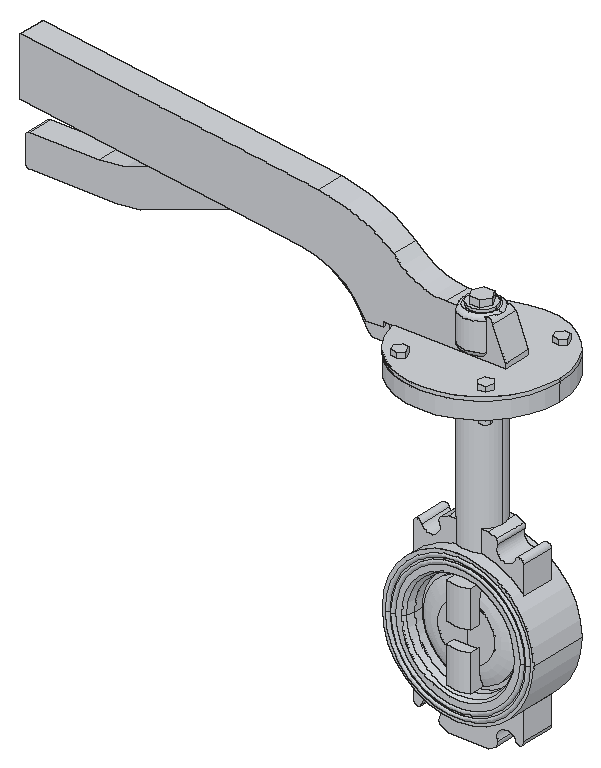
Revit family "R59WX004", category Plumbing Fixtures, Revit 2015
Reference planes
  plane 1 "Center (Front/Back)": y = 0
  plane 2: z = 0
  plane 3 "Center (Left/Right)": x = 0
  plane 4: z = 140
  plane 5: x = -260
  plane 6: z = 217
  plane 7: z = 187
  plane 8: z = -63.5
  plane 9: z = -30
  plane 10: z = 170
  plane 11: y = -17.262
  plane 12: y = 17.262
  plane 13: z = -14.308
Forms (mm)
  Extrusion 1, solid
    sketch origin (0, 0, 130) x (1, 0, 0) y (0, 1, 0)
      loop
        circle (0, 0) r 45
    from 0 to 10
  Extrusion 2, solid
    sketch origin (0, 0, -76.95) x (1, 0, 0) y (0, 1, 0)
      loop
        circle (0, 0) r 12
    from 118.947 to 206.95
  Revolve 3, solid
    sketch origin (0, 0, 0) x (0, 1, 0) y (0, 0, 1)
      loop
        line (-6.1, -30.211) -> (6.1, -30.211) -> (6.1, -27.411) -> (8.1, -27.411)
        arc (8.1, -27.411) -> (10.282, -22.096) -> (11.11, -16.411) r 23.5
        line (11.11, -16.411) -> (11.11, 0) -> (-11.11, 0) -> (-11.11, -16.411)
        arc (-11.11, -16.411) -> (-10.282, -22.096) -> (-8.1, -27.411) r 23.5
        line (-8.1, -27.411) -> (-6.1, -27.411) -> (-6.1, -30.211)
      axis (11.11, 0) -> (-11.11, 0)
    angle from 0 to 360
  Blend 4, solid
    base sketch origin (0, 0, -4.163) x (1, 0, 0) y (0, 1, 0)
      loop
        line (-6.883, 16.4) -> (-6.883, -16.4)
        arc (-6.883, -16.4) -> (0, -18.078) -> (6.883, -16.4) r 14.953
        line (6.883, -16.4) -> (6.883, 16.4)
        arc (6.883, 16.4) -> (0, 18.078) -> (-6.883, 16.4) r 14.953
    top sketch origin (0, 0, 0) x (1, 0, 0) y (0, 1, 0)
      loop
        line (-6.883, 16.4) -> (-6.883, -16.4)
        arc (-6.883, -16.4) -> (0, -18.078) -> (6.883, -16.4) r 14.953
        line (6.883, -16.4) -> (6.883, 16.4)
        arc (6.883, 16.4) -> (0, 18.078) -> (-6.883, 16.4) r 14.953
    from 10.163 to 27.01
  Blend 5, solid
    base sketch origin (0, 0, -38.601) x (0, -1, 0) y (1, 0, 0)
      loop
        line (-16.4, -6.883) -> (16.4, -6.883)
        arc (16.4, -6.883) -> (18.078, 0) -> (16.4, 6.883) r 14.953
        line (16.4, 6.883) -> (-16.4, 6.883)
        arc (-16.4, 6.883) -> (-18.078, 0) -> (-16.4, -6.883) r 14.953
    top sketch origin (0, 0, -35.117) x (0, -1, 0) y (1, 0, 0)
      loop
        line (-16.4, -6.883) -> (16.4, -6.883)
        arc (16.4, -6.883) -> (18.078, 0) -> (16.4, 6.883) r 14.953
        line (16.4, 6.883) -> (-16.4, 6.883)
        arc (-16.4, 6.883) -> (-18.078, 0) -> (-16.4, -6.883) r 14.953
    from 11.542 to 29.117
  Extrusion 6, solid
    sketch origin (99.126, -27.447, 142) x (0, -1, 0) y (1, 0, 0)
      loop
        line (3.99, -123.113) -> (0.805, -120.344) -> (-3.184, -121.718) -> (-3.99, -125.86) -> (-0.805, -128.628) -> (3.184, -127.254) -> (3.99, -123.113)
    from 0 to 3
  Extrusion 7, solid
    sketch origin (99.126, -27.447, 122) x (0, -1, 0) y (1, 0, 0)
      loop
        circle (0, -124.486) r 3
    from 2.505 to 20
  Extrusion 8, solid
    sketch origin (99.126, -27.447, 129) x (0, -1, 0) y (1, 0, 0)
      loop
        line (3.99, -123.113) -> (0.805, -120.344) -> (-3.184, -121.718) -> (-3.99, -125.86) -> (-0.805, -128.628) -> (3.184, -127.254) -> (3.99, -123.113)
      loop
        line (-3.444, -125.672) -> (-0.695, -128.061) -> (2.749, -126.876) -> (3.444, -123.301) -> (0.695, -120.911) -> (-2.749, -122.097) -> (-3.444, -125.672)
    from -1.968 to 1
  Extrusion 9, solid, not visible
    sketch origin (26.117, -96.518, 104.233) x (0, -1, 0) y (1, 0, 0)
      loop
        line (3.99, -123.113) -> (0.805, -120.344) -> (-3.184, -121.718) -> (-3.99, -125.86) -> (-0.805, -128.628) -> (3.184, -127.254) -> (3.99, -123.113)
    from 0 to 3
  Extrusion 10, solid, not visible
    sketch origin (26.117, -96.518, 84.233) x (0, -1, 0) y (1, 0, 0)
      loop
        circle (0, -124.486) r 3
    from 2.505 to 20
  Extrusion 11, solid, not visible
    sketch origin (26.117, -96.518, 91.233) x (0, -1, 0) y (1, 0, 0)
      loop
        line (3.99, -123.113) -> (0.805, -120.344) -> (-3.184, -121.718) -> (-3.99, -125.86) -> (-0.805, -128.628) -> (3.184, -127.254) -> (3.99, -123.113)
      loop
        line (-3.444, -125.672) -> (-0.695, -128.061) -> (2.749, -126.876) -> (3.444, -123.301) -> (0.695, -120.911) -> (-2.749, -122.097) -> (-3.444, -125.672)
    from -1.968 to 1
  Extrusion 12, solid
    sketch origin (0, 0, 140) x (1, 0, 0) y (0, 1, 0)
      loop
        circle (0, 0) r 45
    from 0 to 2
  Extrusion 13, solid
    sketch origin (99.126, -27.447, 142) x (0, -1, 0) y (1, 0, 0)
      loop
        line (-58.884, -123.113) -> (-58.079, -127.254) -> (-54.09, -128.628) -> (-50.905, -125.86) -> (-51.71, -121.718) -> (-55.7, -120.344) -> (-58.884, -123.113)
    from 0 to 3
  Extrusion 14, solid
    sketch origin (99.126, -27.447, 122) x (0, -1, 0) y (1, 0, 0)
      loop
        circle (-54.895, -124.486) r 3
    from 2.505 to 20
  Extrusion 15, solid
    sketch origin (99.126, -27.447, 129) x (0, -1, 0) y (1, 0, 0)
      loop
        line (-58.884, -123.113) -> (-58.079, -127.254) -> (-54.09, -128.628) -> (-50.905, -125.86) -> (-51.71, -121.718) -> (-55.7, -120.344) -> (-58.884, -123.113)
      loop
        line (-51.451, -125.672) -> (-52.146, -122.097) -> (-55.59, -120.911) -> (-58.339, -123.301) -> (-57.644, -126.876) -> (-54.2, -128.061) -> (-51.451, -125.672)
    from -1.968 to 1
  Extrusion 16, solid
    sketch origin (-100.376, 27.447, 142) x (0, 1, 0) y (-1, 0, 0)
      loop
        line (-58.884, -123.113) -> (-58.079, -127.254) -> (-54.09, -128.628) -> (-50.905, -125.86) -> (-51.71, -121.718) -> (-55.7, -120.344) -> (-58.884, -123.113)
    from 0 to 3
  Extrusion 17, solid
    sketch origin (-100.376, 27.447, 122) x (0, 1, 0) y (-1, 0, 0)
      loop
        circle (-54.895, -124.486) r 3
    from 2.505 to 20
  Extrusion 18, solid
    sketch origin (-100.376, 27.447, 129) x (0, 1, 0) y (-1, 0, 0)
      loop
        line (-58.884, -123.113) -> (-58.079, -127.254) -> (-54.09, -128.628) -> (-50.905, -125.86) -> (-51.71, -121.718) -> (-55.7, -120.344) -> (-58.884, -123.113)
      loop
        line (-51.451, -125.672) -> (-52.146, -122.097) -> (-55.59, -120.911) -> (-58.339, -123.301) -> (-57.644, -126.876) -> (-54.2, -128.061) -> (-51.451, -125.672)
    from -1.968 to 1
  Extrusion 19, solid
    sketch origin (-100.376, 27.447, 142) x (0, 1, 0) y (-1, 0, 0)
      loop
        line (3.99, -123.113) -> (0.805, -120.344) -> (-3.184, -121.718) -> (-3.99, -125.86) -> (-0.805, -128.628) -> (3.184, -127.254) -> (3.99, -123.113)
    from 0 to 3
  Extrusion 20, solid
    sketch origin (-100.376, 27.447, 122) x (0, 1, 0) y (-1, 0, 0)
      loop
        circle (0, -124.486) r 3
    from 2.505 to 20
  Extrusion 21, solid
    sketch origin (-100.376, 27.447, 129) x (0, 1, 0) y (-1, 0, 0)
      loop
        line (3.99, -123.113) -> (0.805, -120.344) -> (-3.184, -121.718) -> (-3.99, -125.86) -> (-0.805, -128.628) -> (3.184, -127.254) -> (3.99, -123.113)
      loop
        line (-3.444, -125.672) -> (-0.695, -128.061) -> (2.749, -126.876) -> (3.444, -123.301) -> (0.695, -120.911) -> (-2.749, -122.097) -> (-3.444, -125.672)
    from -1.968 to 1
  Extrusion 22, solid
    sketch origin (125.063, -27.447, 167.144) x (0, -1, 0) y (1, 0, 0)
      loop
        line (-32.638, -122.069) -> (-32.638, -128.062) -> (-27.447, -131.059) -> (-22.257, -128.062) -> (-22.257, -122.069) -> (-27.447, -119.072) -> (-32.638, -122.069)
    from -1.014 to 2.856
  Extrusion 23, solid
    sketch origin (124.477, -54.895, 162.2) x (0, -1, 0) y (1, 0, 0)
      loop
        circle (-54.895, -124.486) r 8
    from -22.2 to 3.931
  Sweep 24, solid
    path origin (0, 0, 0) x (1, 0, 0) y (0, 0, 1)
      loop
        circle (0, 0) r 43.5
    profile origin (0, 0, -43.5) x (0, 0, 1) y (0, -1, 0)
      loop
        line (0, -17.262) -> (1.952, -17.262)
        arc (1.952, -17.262) -> (2.966, -18.276) -> (3.98, -17.262) r 1.014
        line (3.98, -17.262) -> (5.253, -17.262)
        arc (5.253, -17.262) -> (6.425, -18.263) -> (7.231, -16.949) r 1.014
        line (7.231, -16.949) -> (10.888, -16.949) -> (12.517, -14.607) -> (13.454, -11.11) -> (13.454, 11.11) -> (12.381, 15.116) -> (10.888, 17.262) -> (7.28, 17.262)
        arc (7.28, 17.262) -> (6.267, 18.276) -> (5.253, 17.262) r 1.014
        line (5.253, 17.262) -> (3.98, 17.262)
        arc (3.98, 17.262) -> (2.966, 18.276) -> (1.952, 17.262) r 1.014
        line (1.952, 17.262) -> (0, 17.262) -> (0, -17.262)
  Revolve 25, solid
    sketch origin (0, 0, 0) x (1, 0, 0) y (0, 0, 1)
      loop
        line (-9.486, 143.746) -> (0, 143.746) -> (0, 165) -> (-9.486, 165)
        arc (-9.486, 165) -> (-11.259, 164.265) -> (-11.994, 162.492) r 2.508
        line (-11.994, 162.492) -> (-11.994, 146.254)
        arc (-11.994, 146.254) -> (-11.259, 144.481) -> (-9.486, 143.746) r 2.508
      axis (0, 143.746) -> (0, 165)
    angle from 0 to 360
  Extrusion 26, solid
    sketch origin (0.152, 45.948, -140.96) x (1, 0, 0) y (0, 0, 1)
      loop
        arc (-14.408, 305.574) -> (-31.009, 309.172) -> (-44.632, 319.319) r 40.102
        arc (-44.632, 319.319) -> (-64.682, 331.561) -> (-87.387, 337.59) r 81.686
        line (-87.387, 337.59) -> (-259.322, 357.495)
        arc (-259.322, 357.495) -> (-259.796, 357.345) -> (-260, 356.891) r 0.608
        line (-260, 356.891) -> (-260, 323.702) -> (-98.154, 304.965)
        arc (-98.154, 304.965) -> (-76.145, 296.857) -> (-60.289, 279.573) r 49.8
        line (-60.289, 279.573) -> (-50.289, 279.573) -> (-50.289, 282.573) -> (19.968, 282.573) -> (19.968, 285.573) -> (12.874, 303.133)
        arc (12.874, 303.133) -> (11.526, 304.847) -> (9.47, 305.574) r 3.914
        line (9.47, 305.574) -> (-14.408, 305.574)
    from 37.966 to 54.11
  Extrusion 27, solid
    sketch origin (-37.631, 45.948, -215.474) x (1, 0, 0) y (0, 0, 1)
      loop
        arc (-22.094, 349.064) -> (-20.551, 347.091) -> (-18.159, 346.344) r 4.207
        line (-18.159, 346.344) -> (-9.636, 346.344) -> (-9.636, 357.087) -> (-17.519, 357.087)
        arc (-17.519, 357.087) -> (-19.393, 357.527) -> (-20.874, 358.756) r 4.207
        line (-20.874, 358.756) -> (-36.673, 388.468)
        arc (-36.673, 388.468) -> (-42.926, 395.877) -> (-51.675, 400.052) r 23.006
        line (-51.675, 400.052) -> (-121.464, 408.132)
        arc (-121.464, 408.132) -> (-146.554, 389.335) -> (-177.106, 382.301) r 75.785
        line (-177.106, 382.301) -> (-217.214, 382.301)
        arc (-217.214, 382.301) -> (-218.486, 381.806) -> (-219.141, 380.609) r 1.995
        line (-219.141, 380.609) -> (-219.141, 365.458)
        arc (-219.141, 365.458) -> (-218.486, 364.261) -> (-217.214, 363.766) r 1.995
        line (-217.214, 363.766) -> (-165.969, 363.766)
        arc (-165.969, 363.766) -> (-159.476, 364.161) -> (-153.041, 365.112) r 75.785
        line (-153.041, 365.112) -> (-101.959, 383.705) -> (-60.438, 378.898)
        arc (-60.438, 378.898) -> (-37.108, 369.34) -> (-22.155, 349.041) r 46.662
    from 38.356 to 53.486
  Extrusion 28, solid
    sketch origin (-2.66, 0.293, 17.806) x (1, 0, 0) y (0, 0, 1)
      loop
        arc (18.871, -71.788) -> (19.767, -70.506) -> (19.652, -68.955) r 2.274
        arc (19.652, -68.955) -> (22.463, -61.587) -> (29.701, -64.717) r 5.458
        arc (29.701, -64.717) -> (32.458, -66.474) -> (34.596, -64.001) r 2.5
        line (34.596, -64.001) -> (34.596, -47.891)
        arc (34.596, -47.891) -> (2.811, -61.693) -> (-28.974, -47.891) r 43.5
        line (-28.974, -47.891) -> (-28.974, -64.001)
        arc (-28.974, -64.001) -> (-26.836, -66.474) -> (-24.079, -64.717) r 2.5
        arc (-24.079, -64.717) -> (-16.841, -61.587) -> (-14.03, -68.955) r 5.458
        arc (-14.03, -68.955) -> (-14.145, -70.506) -> (-13.249, -71.787) r 2.274
        arc (-13.249, -71.787) -> (-11.147, -73.088) -> (-8.94, -74.203) r 28.535
        line (-8.94, -74.203) -> (14.565, -74.203)
        arc (14.565, -74.203) -> (16.77, -73.089) -> (18.871, -71.788) r 28.535
    from -9.388 to 9.974
  Extrusion 29, solid
    sketch origin (-2.66, 0.293, -18.579) x (1, 0, 0) y (0, 0, 1)
      loop
        arc (18.871, 71.788) -> (16.77, 73.089) -> (14.565, 74.203) r 28.535
        line (14.565, 74.203) -> (-8.94, 74.203)
        arc (-8.94, 74.203) -> (-11.147, 73.088) -> (-13.249, 71.787) r 28.535
        arc (-13.249, 71.787) -> (-14.145, 70.506) -> (-14.03, 68.955) r 2.274
        arc (-14.03, 68.955) -> (-16.841, 61.587) -> (-24.079, 64.717) r 5.458
        arc (-24.079, 64.717) -> (-26.836, 66.474) -> (-28.974, 64.001) r 2.5
        line (-28.974, 64.001) -> (-28.974, 47.891)
        arc (-28.974, 47.891) -> (2.811, 61.693) -> (34.596, 47.891) r 43.5
        line (34.596, 47.891) -> (34.596, 64.001)
        arc (34.596, 64.001) -> (32.458, 66.474) -> (29.701, 64.717) r 2.5
        arc (29.701, 64.717) -> (22.463, 61.587) -> (19.652, 68.955) r 5.458
        arc (19.652, 68.955) -> (19.767, 70.506) -> (18.871, 71.788) r 2.274
    from -9.388 to 9.974
Dimensions and locks
  locked: plane 2 to plane 4 at 140
  plane 3 "Center (Left/Right)" to plane 5 = 260 mm
  level to plane 6 = 217 mm
  plane 8 to level = 63.5 mm
  locked: plane 4 to plane 10 at 30
  plane 12 to plane 11 = 34.524 mm
  aligned and locked: level to plane 2
